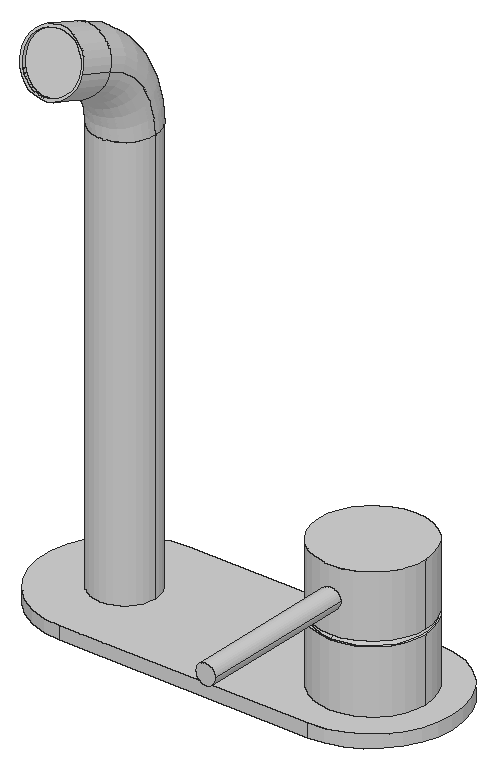
Revit family "Liano II - 210mm Wall basin-bath mixer - Rounded Cover Plate", category Specialty Equipment, host Face, Revit 2019
Family settings
  Host = Face
  Round Connector Dimension = Use Radius
  Part Type = Normal
  OmniClass Number = 23.45.55.17
  OmniClass Title = Mixing Faucets
  Cut with Voids When Loaded = No
  Shared = No
  Room Calculation Point = No
Parameters (values of type "Liano II - 210mm Wall basin/bath mixer - Rounded Cover Plate - Chrome")
  URL = "https://www.caroma.com.au/"
  Model = "96353C6A"
  Material_Base = GWA_Metal-Chrome
  Manufacturer = "GWA Bathrooms & Kitchens"  # constant formula
  Keynote = ""
  Description = "Liano II - 210mm Wall basin/bath mixer - Rounded Cover Plate - Chrome"
  Default Elevation = 1000 mm
  CreatedBy_ANZRS = "GWA Bathrooms & Kitchens"  # constant formula
  Assembly Code = "C1030220"
Types (6, lengths in mm): name | Model | Material_Base | Description
  (no name) | "96353C6A" | GWA_Metal-Chrome | "Liano II - 210mm Wall basin/bath mixer - Rounded Cover Plate - Chrome"
  Liano II - 210mm Wall basin/bath mixer - Rounded Cover Plate - Chrome | "96353C6A" | GWA_Metal-Chrome | "Liano II - 210mm Wall basin/bath mixer - Rounded Cover Plate - Chrome"
  Liano II - 210mm Wall basin/bath mixer - Rounded Cover Plate - Matte Black | "96353B6A" | GWA-Metal-Black | "Liano II - 210mm Wall basin/bath mixer - Rounded Cover Plate - Matte Black"
  Liano II - 210mm Wall basin/bath mixer - Rounded Cover Plate - Brass | "96353BB6A" | GWA_Metal-Brushed-Brass | "Liano II - 210mm Wall basin/bath mixer - Rounded Cover Plate - Brass"
  Liano II - 210mm Wall basin/bath mixer - Rounded Cover Plate - Gunmetal | "96353GM6A" | GWA-Metal-Gunmetal Grey | "Liano II - 210mm Wall basin/bath mixer - Rounded Cover Plate - Gunmetal"
  Liano II - 210mm Wall basin/bath mixer - Rounded Cover Plate - Brushed Nickel | "96353BN6A" | GWA_Metal-Brushed-Nickel | "Liano II - 210mm Wall basin/bath mixer - Rounded Cover Plate - Brushed Nickel"
Reference planes
  plane 1 "Center (Front/Back)": y = 0
  plane 2: z = 0
  plane 3 "Center (Left/Right)": x = 0
Forms (mm)
  Extrusion 1, solid, material "GWA_Metal-Chrome" <- "Material_Base"
    sketch origin (0, 0, 0) x (1, 0, 0) y (0, 1, 0)
      loop
        line (0, 32.5) -> (-100, 32.5)
        arc (-100, 32.5) -> (-132.5, 0) -> (-100, -32.5) r 32.5
        line (-100, -32.5) -> (0, -32.5)
        arc (0, -32.5) -> (32.5, 0) -> (0, 32.5) r 32.5
    from 0 to 5.2
  Extrusion 2, solid, material "GWA_Metal-Chrome" <- "Material_Base"
    sketch origin (0, 0, 0) x (1, 0, 0) y (0, 1, 0)
      loop
        circle (0, 0) r 21.5
    from 5.2 to 30.5
  Extrusion 3, solid, material "GWA_Metal-Chrome" <- "Material_Base"
    sketch origin (0, 0, 0) x (1, 0, 0) y (0, 1, 0)
      loop
        circle (0, 0) r 21.5
    from 32.5 to 57.5
  Revolve 4, solid, material "GWA_Metal-Chrome" <- "Material_Base"
    sketch origin (0, 0, 0) x (0, 1, 0) y (0, 0, 1)
      loop
        line (0, 30.5) -> (20.6, 30.5)
        arc (20.6, 30.5) -> (18.521, 33.852) -> (15.9, 36.8) r 23
        line (15.9, 36.8) -> (0, 36.8) -> (0, 30.5)
      axis (0, 36.8) -> (0, 30.5)
    angle from 0 to 360
  Extrusion 5, solid, material "GWA_Metal-Chrome" <- "Material_Base"
    sketch origin (0, 0, 0) x (1, 0, 0) y (0, 0, 1)
      loop
        circle (0, 45.5) r 4
    from 0 to 84
  Sweep 6, solid, material "GWA_Metal-Chrome" <- "Material_Base"
    path origin (-100, 0, 0) x (0, 1, 0) y (0, 0, 1)
      loop
        line (0, 5.2) -> (0, 172.593)
        arc (0, 172.593) -> (-6.33, 192.668) -> (-23.029, 205.482) r 35
        line (-23.029, 205.482) -> (-36.648, 210.439)
    profile origin (-100, 0, 88.896) x (0, -1, 0) y (1, 0, 0)
      loop
        circle (0, 0) r 12.5
  Extrusion 7, void
    sketch origin (0, -88.746, 66.501) x (0, 0.34202, 0.939693) y (1, 0, 0)
      loop
        circle (153.076, -100) r 11.5
    from -1 to 1
Cuts and joins
  joined: Extrusion 3, Extrusion 5
  Extrusion 7 cuts Sweep 6
Lines and regions (mm)
  Masking region 1
    outline origin (0, 0, 0) x (1, 0, 0) y (0, 1, 0)
      loop
        arc (-100, 32.5) -> (-131.869, 6.374) -> (-112.5, -30) r 32.5
        line (-112.5, -30) -> (-112.5, -36.648)
        spline (-112.5, -36.648) -> (-112.074, -37.755) -> (-110.825, -38.786) -> (-108.839, -39.671) -> (-106.25, -40.35) -> (-103.235, -40.778) -> (-100, -40.923) -> (-96.765, -40.778) -> (-93.75, -40.35) -> (-91.161, -39.671) -> (-89.175, -38.786) -> (-87.926, -37.755) -> (-87.5, -36.648)
        line (-87.5, -36.648) -> (-87.5, -32.5) -> (-4, -32.5) -> (-4, -84) -> (4, -84) -> (4, -32.253)
        arc (4, -32.253) -> (32.438, 2.004) -> (0, 32.5) r 32.5
        line (0, 32.5) -> (-100, 32.5)
  Masking region 2
    outline origin (0, 0, 0) x (1, 0, 0) y (0, 0, 1)
      loop
        line (-132.5, 0) -> (32.5, 0) -> (32.5, 5.2) -> (21.5, 5.2) -> (21.5, 30.5) -> (20.6, 30.5)
        arc (20.6, 30.5) -> (20.053, 31.514) -> (19.457, 32.5) r 23
        line (19.457, 32.5) -> (21.5, 32.5) -> (21.5, 57.5) -> (-21.5, 57.5) -> (-21.5, 32.5) -> (-19.457, 32.5)
        arc (-19.457, 32.5) -> (-20.053, 31.514) -> (-20.6, 30.5) r 23
        line (-20.6, 30.5) -> (-21.5, 30.5) -> (-21.5, 5.2) -> (-87.5, 5.2) -> (-87.5, 210.439)
        spline (-87.5, 210.439) -> (-87.926, 213.479) -> (-89.175, 216.312) -> (-91.161, 218.745) -> (-93.75, 220.611) -> (-96.765, 221.785) -> (-100, 222.185) -> (-103.235, 221.785) -> (-106.25, 220.611) -> (-108.839, 218.745) -> (-110.825, 216.312) -> (-112.074, 213.479) -> (-112.5, 210.439)
        line (-112.5, 210.439) -> (-112.5, 5.2) -> (-132.5, 5.2) -> (-132.5, 0)
  Masking region 3
    outline origin (-100, 0, 0) x (0, 1, 0) y (0, 0, 1)
      loop
        line (-32.373, 222.185) -> (-40.923, 198.693) -> (-27.305, 193.736)
        arc (-27.305, 193.736) -> (-16.569, 185.498) -> (-12.5, 172.593) r 22.5
        line (-12.5, 172.593) -> (-12.5, 57.5) -> (-21.5, 57.5) -> (-21.5, 49.5) -> (-84, 49.5) -> (-84, 41.5) -> (-21.5, 41.5) -> (-21.5, 32.5) -> (-19.457, 32.5)
        arc (-19.457, 32.5) -> (-20.053, 31.514) -> (-20.6, 30.5) r 23
        line (-20.6, 30.5) -> (-21.5, 30.5) -> (-21.5, 5.2) -> (-32.5, 5.2) -> (-32.5, 0) -> (32.5, 0) -> (32.5, 5.2) -> (21.5, 5.2) -> (21.5, 30.5) -> (20.6, 30.5)
        arc (20.6, 30.5) -> (20.053, 31.514) -> (19.457, 32.5) r 23
        line (19.457, 32.5) -> (21.5, 32.5) -> (21.5, 57.5) -> (12.5, 57.5) -> (12.5, 172.593)
        arc (12.5, 172.593) -> (3.91, 199.838) -> (-18.754, 217.228) r 47.5
        line (-18.754, 217.228) -> (-32.373, 222.185)
  symbolic lines
    curve 1: circle (0, 0, 0) r 21.5 normal (0, 0, 1)
    curve 2: line (-4, -84, 0) -> (4, -84, 0)
    curve 3: line (4, -84, 0) -> (4, -21.125, 0)
    curve 4: line (-4, -84, 0) -> (-4, -21.125, 0)
    curve 5: line (-132.5, 0, 5.2) -> (-132.5, 0, 0)
    curve 6: line (32.5, 0, 5.2) -> (-132.5, 0, 5.2)
    curve 7: line (32.5, 0, 0) -> (32.5, 0, 5.2)
    curve 8: line (-132.5, 0, 0) -> (32.5, 0, 0)
    curve 9: line (21.5, 0, 57.5) -> (-21.5, 0, 57.5)
    curve 10: line (21.5, 0, 32.5) -> (21.5, 0, 57.5)
    curve 11: line (-21.5, 0, 32.5) -> (21.5, 0, 32.5)
    curve 12: line (-21.5, 0, 57.5) -> (-21.5, 0, 32.5)
    curve 13: line (21.5, 0, 5.2) -> (21.5, 0, 30.5)
    curve 14: line (21.5, 0, 30.5) -> (-21.5, 0, 30.5)
    curve 15: line (-21.5, 0, 30.5) -> (-21.5, 0, 5.2)
    curve 16: arc (-19.457, 0, 32.5) -> (-20.053, 0, 31.514) -> (-20.6, 0, 30.5) r 23
    curve 17: arc (19.457, 0, 32.5) -> (20.053, 0, 31.514) -> (20.6, 0, 30.5) r 23
    curve 18: line (-100, -32.373, 222.185) -> (-100, -40.923, 198.693)
    curve 19: line (-100, -32.5, 5.2) -> (-100, 32.5, 5.2)
    curve 20: line (-100, -32.5, 0) -> (-100, -32.5, 5.2)
    curve 21: line (-100, 32.5, 0) -> (-100, -32.5, 0)
    curve 22: line (-100, 32.5, 5.2) -> (-100, 32.5, 0)
    curve 23: line (-100, -21.5, 57.5) -> (-100, 21.5, 57.5)
    curve 24: line (-100, -21.5, 32.5) -> (-100, -21.5, 41.5)
    curve 25: line (-100, 21.5, 57.5) -> (-100, 21.5, 32.5)
    curve 26: line (-100, 21.5, 30.5) -> (-100, 21.5, 5.2)
    curve 27: line (-100, -21.5, 30.5) -> (-100, -21.5, 5.2)
    curve 28: line (-100, -84, 49.5) -> (-100, -21.5, 49.5)
    curve 29: line (-100, -84, 41.5) -> (-100, -84, 49.5)
    curve 30: line (-100, -21.5, 41.5) -> (-100, -84, 41.5)
    curve 31: arc (-100, -21.5, 49.5) -> (-100, -21.125, 45.5) -> (-100, -21.5, 41.5) r 21.5
    curve 32: arc (-100, 19.457, 32.5) -> (-100, 20.053, 31.514) -> (-100, 20.6, 30.5) r 23
    curve 33: arc (-100, -19.457, 32.5) -> (-100, -20.053, 31.514) -> (-100, -20.6, 30.5) r 23
    curve 34: line (-100, -21.5, 49.5) -> (-100, -21.5, 57.5)
    curve 35: line (-100, -21.5, 32.5) -> (-100, 21.5, 32.5)
    curve 36: line (-100, 21.5, 30.5) -> (-100, -21.5, 30.5)
    curve 37: line (-100, -27.305, 193.736) -> (-100, -40.923, 198.693)
    curve 38: line (-100, -18.754, 217.228) -> (-100, -32.373, 222.185)
    curve 39: arc (-100, -18.754, 217.228) -> (-100, 3.91, 199.838) -> (-100, 12.5, 172.593) r 47.5
    curve 40: arc (-100, -27.305, 193.736) -> (-100, -16.569, 185.498) -> (-100, -12.5, 172.593) r 22.5
    curve 41: line (-100, -12.5, 57.5) -> (-100, -12.5, 172.593)
    curve 42: line (-100, 12.5, 57.5) -> (-100, 12.5, 172.593)
    curve 43: line (-87.5, 0, 5.2) -> (-87.5, 0, 210.439)
    curve 44: arc (-87.4, 0, 210.445) -> (-100, 0, 222.268) -> (-112.6, 0, 210.445) r 12.625
    curve 45: line (-112.5, 0, 210.439) -> (-112.5, 0, 5.2)
    curve 46: arc (-112.5, 0, 0) -> (-100, 12.5, 0) -> (-87.5, 0, 0) r 12.5
    curve 47: spline (-112.5, -36.648, 0) -> (-112.074, -37.755, 0) -> (-110.825, -38.786, 0) -> (-108.839, -39.671, 0) -> (-106.25, -40.35, 0) -> (-103.235, -40.778, 0) -> (-100, -40.923, 0) -> (-96.765, -40.778, 0) -> (-93.75, -40.35, 0) -> (-91.161, -39.671, 0) -> (-89.175, -38.786, 0) -> (-87.926, -37.755, 0) -> (-87.5, -36.648, 0)
    curve 48: spline (-87.5, -36.648, 0) -> (-87.926, -35.541, 0) -> (-89.175, -34.51, 0) -> (-91.161, -33.625, 0) -> (-93.75, -32.946, 0) -> (-96.765, -32.518, 0) -> (-100, -32.373, 0) -> (-103.235, -32.518, 0) -> (-106.25, -32.946, 0) -> (-108.839, -33.625, 0) -> (-110.825, -34.51, 0) -> (-112.074, -35.541, 0) -> (-112.5, -36.648, 0)
    curve 49: spline (-100, -32.715, 0) -> (-97.024, -32.849, 0) -> (-94.25, -33.242, 0) -> (-91.868, -33.867, 0) -> (-90.041, -34.681, 0) -> (-88.892, -35.63, 0) -> (-88.5, -36.648, 0) -> (-88.892, -37.666, 0) -> (-90.041, -38.615, 0) -> (-91.868, -39.429, 0) -> (-94.25, -40.054, 0) -> (-97.024, -40.447, 0) -> (-100, -40.581, 0)
    curve 50: spline (-100, -40.581, 0) -> (-102.976, -40.447, 0) -> (-105.75, -40.054, 0) -> (-108.132, -39.429, 0) -> (-109.959, -38.615, 0) -> (-111.108, -37.666, 0) -> (-111.5, -36.648, 0) -> (-111.108, -35.63, 0) -> (-109.959, -34.681, 0) -> (-108.132, -33.867, 0) -> (-105.75, -33.242, 0) -> (-102.976, -32.849, 0) -> (-100, -32.715, 0)
    curve 51: spline (-100, -39.384, 0) -> (-98.644, -39.357, 0) -> (-97.307, -39.275, 0) -> (-96.008, -39.14, 0) -> (-94.764, -38.953, 0) -> (-93.594, -38.718, 0) -> (-92.512, -38.436, 0) -> (-91.536, -38.114, 0) -> (-90.677, -37.754, 0) -> (-89.948, -37.362, 0) -> (-89.36, -36.943, 0) -> (-88.919, -36.504, 0) -> (-88.634, -36.05, 0)
    curve 52: spline (-111.366, -36.05, 0) -> (-111.081, -36.504, 0) -> (-110.64, -36.943, 0) -> (-110.052, -37.362, 0) -> (-109.323, -37.754, 0) -> (-108.464, -38.114, 0) -> (-107.488, -38.436, 0) -> (-106.406, -38.718, 0) -> (-105.236, -38.953, 0) -> (-103.992, -39.14, 0) -> (-102.693, -39.275, 0) -> (-101.356, -39.357, 0) -> (-100, -39.384, 0)
    curve 53: line (-112.5, -36.648, 0) -> (-112.5, 0, 0)
    curve 54: line (-87.5, 0, 0) -> (-87.5, -36.648, 0)
Dimensions and locks
  aligned and locked: plane 2 to host face
  aligned and locked: level to host face
Connectors
  piping at (-10, 0, 0), diameter 20
    settings: index 1, connector inside diameter 609.6 mm, connector length 0 mm, flow factor 0, pipe flow 0.0 L/s, pressure drop 0.0 Pa, fitting loss kfactor 0, connector angle 0.00°, fixture units 0, engagement length 0 mm, angle of deflection 0.00°, flow configuration 3, flow direction 1, fitting loss method 0, system type 19, joint type 0, gender type 0, connector reference index -1, connector utility 0, adjustable connector no, is connector primary yes, connector description ""
  piping at (10, 0, 0), diameter 20
    settings: index 2, connector inside diameter 609.6 mm, connector length 0 mm, flow factor 0, pipe flow 0.0 L/s, pressure drop 0.0 Pa, fitting loss kfactor 0, connector angle 0.00°, fixture units 0, engagement length 0 mm, angle of deflection 0.00°, flow configuration 3, flow direction 1, fitting loss method 0, system type 20, joint type 0, gender type 0, connector reference index -1, connector utility 0, adjustable connector no, is connector primary no, connector description ""
